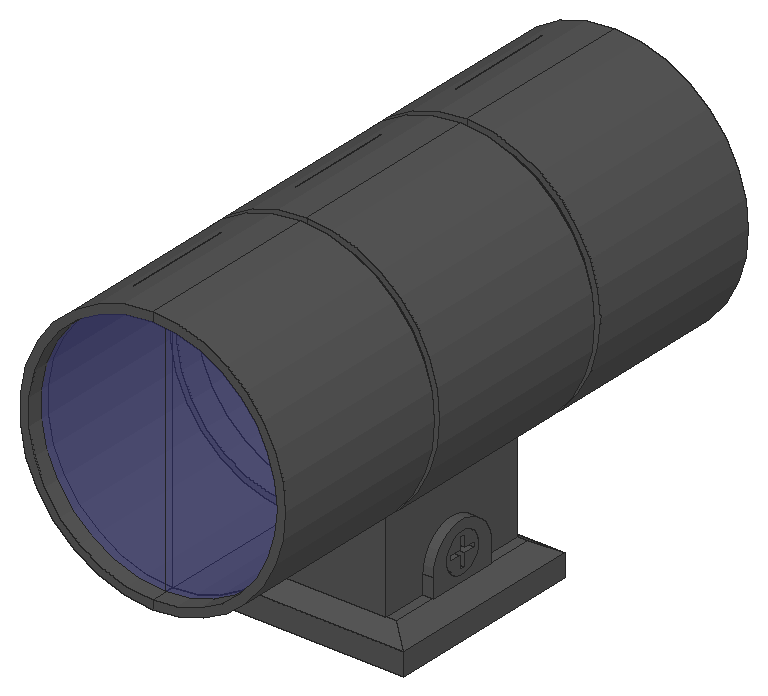
Revit family "CARLO CYLINDER LIGHT WALL MOUNT", category Lighting Fixtures, host Face, Revit 2020 (continued)
Types (10): name | Wattage_Input | Wattage Comments | Wattage | Photometric Web File | built-in parameter 1150142 | Model | built-in parameter 1150105 | Lumens | Light Length 1 | LIGHT RADIUS | LIGHT PLACEMENT | LIGHT LENGTH | LIGHT DIA | built-in parameter 1150106 | FIXED END HEIGHT | Curve base Height | Base Curve | BEAMING ANGLE | Apparent Load
    \r\n 602.38 650.91 702.53 755.71 810.87 868.06 926.88 987.87 1048.3 1104.9 \r\n 1160.1 1216.3 1271.1 1322.2 1371.3 1419.2 1465.4 1509.3 1551.3 1591.3 \r\n 1629.8 1667.5 1703.5 1736.6 1767.4 1795.8 1822.4 1848.4 1872.7 1894.9 \r\n 1914.7 1931.4 1946.1 1959.9 1972.2 1982.7 1991.9 2000.2 2006.8 2011.1 \r\n 2013.2 \r\n2008.1 2013.8 2012.5 2009.3 2004.3 1997.7 1989.7 1980.5 1969.5 1956.1 \r\n 1940.3 1921.7 1900.6 1876.7 1851.1 1825.2 1797.6 1767.5 1734.5 1697.4 \r\n 1657.7 1616.4 1573.9 1531.2 1487.3 1441.8 1394.2 1343.8 1291.1 1236 \r\n 1179.6 1123.5 1067 1010.1 952.78 894.7 837.4 782.45 729.45 678.15 \r\n 629.67 584.88 544.3 508.98 478.32 452.44 430.23 410.53 393.53 379.01 \r\n 366.98 357.49 350.25 345.34 341.8 338.65 336.09 334.08 332.35 330.64 \r\n 328.88 326.97 324.75 322.34 318.92 313.07 306.73 301.42 297 294.14 \r\n 291.9 289.46 287.02 284.73 281.97 279.16 273.41 261.24 244.9 225.06 \r\n 203.09 180.56 157.63 135.07 112.58 89.406 67.605 48.512 33.543 25.616 \r\n 21.554 19.438 18.416 16.711 15.174 14.14 13.385 12.818 12.376 11.965 \r\n 11.599 11.261 10.945 10.644 10.344 10.023 9.692 9.3556 9.0068 8.6276 \r\n 8.2566 7.9367 7.6369 7.346 7.0475 6.7063 6.3672 6.0775 5.7947 5.4814 \r\n 5.1702 4.8857 4.6154 4.3581 4.1053 3.8423 3.5875 3.3605 3.1431 2.9193 \r\n 2.7013 2.4971 2.3031 2.1188 1.9429 1.774 1.6121 1.4557 1.3082 1.1711 \r\n 1.0487 0.94763 0.86197 0.78909 0.72567 0.66659 0.61462 0.57104 0.53525 0.51037 \r\n 0.48649 0.4607 0.43578 0.41463 0.39426 0.37179 0.34988 0.33033 0.31273 0.29675 \r\n 0.28386 0.27599 0.27134 0.26892 0.26817 0.26944 0.26903 0.26313 0.25234 0.23885 \r\n 0.21401 0.16258 0.10648 0.063792 0.030731 0.010734 0.00018246 0 0 0 \r\n 0 0 0 0 0.000027 0 0.0023879 0.010898 0.035041 0.098418 \r\n 0.16247 0.18745 0.20052 0.21831 0.23261 0.23901 0.24268 0.24783 0.25301 0.2582 \r\n 0.26334 0.26823 0.27324 0.27675 0.28453 0.30501 0.32855 0.34711 0.36421 0.37966 \r\n 0.39659 0.41846 0.44422 0.474 0.50824 0.54699 0.59155 0.64078 0.70203 0.78476 \r\n 0.88158 0.98637 1.1049 1.2437 1.3941 1.5472 1.7097 1.887 2.0729 2.2611 \r\n 2.4577 2.6688 2.8877 3.1087 3.3348 3.5632 3.8058 4.0838 4.3663 4.6149 \r\n 4.8728 5.1852 5.5082 5.8035 6.1001 6.4219 6.7463 7.0533 7.3588 7.6725 \r\n 7.9931 8.3255 8.6611 8.9865 9.3211 9.6967 10.062 10.353 10.64 10.982 \r\n 11.345 11.716 12.097 12.462 12.88 13.358 14.056 15.215 16.598 17.887 \r\n 19.571 21.033 25.265 35.697 50.389 68.922 90.151 113.06 136.84 160.62 \r\n 183.55 203.94 223.39 244.5 262.56 272.34 278.04 281.98 284.57 287.08 \r\n 289.3 291.33 293.53 296.16 299.63 305.02 310.57 314.67 318.05 320.91 \r\n 323.27 325 326.69 329.05 331.58 333.9 336.37 339 342.46 347.08 \r\n 353.8 364.01 376.71 390.9 407.91 428.85 453.36 480.88 513.05 551.89 \r\n 595.73 644.01 695.47 748.45 803.63 861.4 920.91 982.24 1043 1100.2 \r\n 1156.1 1212.7 1267.8 1319.3 1368.7 1416.8 1463.1 1507.2 1549.2 1589 \r\n 1627.1 1664.7 1700.5 1733.9 1764.9 1793.2 1819.7 1845.5 1869.8 1892.1 \r\n 1912.2 1929.2 1944.2 1958.2 1970.6 1981.3 1990.6 1999.1 2005.9 2010.6 \r\n 2013.2 \r\n2008.1 2013.9 2012.8 2009.9 2005.3 1999.2 1991.6 1982.9 1972.3 1959.4 \r\n 1943.9 1925.5 1904.7 1881.4 1856.3 1830.6 1803.1 1773.2 1740.5 1703.6 \r\n 1664 1622.5 1579.6 1536.6 1492.4 1446.8 1399.1 1348.4 1295.1 1238.9 \r\n 1181.5 1125 1068.4 1011.1 953.4 895.39 838.32 783.64 730.82 679.4 \r\n 630.72 585.84 545.24 509.96 479.37 453.54 431.39 411.83 394.97 380.52 \r\n 368.47 358.76 351.25 346.13 342.41 339.09 336.39 334.36 332.64 330.89 \r\n 329.09 327.26 325.06 322.29 318.59 313.06 307.14 301.96 297.55 294.63 \r\n 292.31 289.9 287.51 285.25 282.52 279.82 274.05 261.22 244.49 225.62 \r\n 204.78 182.45 159.41 136.65 113.94 90.723 68.892 49.679 34.492 26.135 \r\n 21.654 19.356 18.265 16.574 15.088 14.076 13.338 12.785 12.354 11.944 \r\n 11.577 11.248 10.944 10.65 10.358 10.056 9.7408 9.4007 9.0444 8.6673 \r\n 8.2982 7.972 7.6652 7.3728 7.0746 6.7336 6.3939 6.1006 5.8141 5.5003 \r\n 5.1888 4.9011 4.6285 4.3733 4.1231 3.8595 3.6027 3.3721 3.1508 2.9241 \r\n 2.7041 2.4992 2.305 2.1207 1.9444 1.7736 1.61 1.4544 1.3073 1.1676 \r\n 1.0418 0.9382 0.85064 0.77675 0.7133 0.65571 0.60572 0.56386 0.5292 0.50336 \r\n 0.47912 0.45486 0.4313 0.40881 0.38678 0.36431 0.34258 0.32235 0.30388 0.28723 \r\n 0.2737 0.26508 0.26002 0.25817 0.2583 0.26045 0.2605 0.25351 0.24191 0.22965 \r\n 0.2072 0.16008 0.10709 0.061536 0.02533 0.0075551 0 0 0 0 \r\n 0 0 0 0 0.000085 0.0016815 0.0075848 0.01789 0.042127 0.10176 \r\n 0.16107 0.18253 0.19302 0.20978 0.22418 0.23184 0.23733 0.24422 0.25119 0.2582 \r\n 0.26505 0.2711 0.27754 0.2841 0.29445 0.31479 0.33735 0.35525 0.37201 0.38807 \r\n 0.40571 0.42761 0.45306 0.48294 0.51717 0.55548 0.59934 0.64755 0.70786 0.79079 \r\n 0.88682 0.98646 1.1002 1.2399 1.392 1.5442 1.7051 1.8813 2.0662 2.2541 \r\n 2.4489 2.6529 2.8657 3.0894 3.3194 3.5466 3.7869 4.064 4.3461 4.5954 \r\n 4.8538 5.1652 5.4864 5.7789 6.0725 6.3896 6.7127 7.0304 7.3475 7.6626 \r\n 7.983 8.3195 8.6599 8.9885 9.3263 9.7054 10.077 10.382 10.683 11.034 \r\n 11.401 11.767 12.14 12.506 12.914 13.354 13.999 15.092 16.418 17.715 \r\n 19.366 20.638 24.611 34.76 49.176 67.514 88.555 111.17 134.75 158.63 \r\n 181.87 202.92 222.95 243.99 261.88 271.86 277.77 281.67 284.19 286.71 \r\n 288.95 290.97 293.13 295.68 298.99 303.97 309.13 313.12 316.52 319.45 \r\n 322 324.23 326.37 328.77 331.21 333.47 335.88 338.47 341.87 346.54 \r\n 353.18 362.83 374.86 388.57 405.13 425.62 449.68 476.82 508.61 546.98 \r\n 590.39 638.31 689.56 742.56 797.95 856.14 916.13 977.71 1038.8 1096.8 \r\n 1153.3 1209.9 1264.9 1316.9 1366.8 1415 1461.2 1505.3 1547.3 1587 \r\n 1625 1662.4 1698.2 1731.7 1762.9 1791.2 1817.8 1843.5 1867.7 1890 \r\n 1910.2 1927.5 1942.9 1956.8 1969.2 1980.1 1989.6 1998.1 2005.1 2010.1 \r\n 2013.2 \r\n2008.1 2013.9 2013 2010.4 2006.2 2000.5 1993.4 1985.2 1975.1 1962.6 \r\n 1947.5 1929.4 1908.9 1886.2 1861.7 1836.2 1808.8 1779.2 1746.7 1710 \r\n 1670.5 1628.7 1585.5 1542.1 1497.6 1451.8 1404 1352.9 1299 1241.8 \r\n 1183.5 1126.8 1070.1 1012.2 954.17 896.31 839.56 785.1 732.42 680.85 \r\n 631.96 586.96 546.29 511.03 480.49 454.66 432.53 413.1 396.37 382 \r\n 369.94 360.02 352.25 346.92 343.01 339.51 336.71 334.65 332.94 331.15 \r\n 329.33 327.56 325.35 322.22 318.24 313.01 307.5 302.48 298.12 295.14 \r\n 292.75 290.38 288.06 285.83 283.12 280.51 274.66 261.04 243.81 226.04 \r\n 206.46 184.34 161.14 138.12 115.13 91.908 70.103 50.814 35.442 26.658 \r\n 21.75 19.263 18.099 16.425 14.995 14.009 13.292 12.757 12.338 11.929 \r\n 11.563 11.245 10.952 10.664 10.38 10.096 9.7954 9.4502 9.0853 8.7105 \r\n 8.3435 8.0104 7.696 7.4022 7.1042 6.7636 6.4235 6.126 5.8353 5.5204 \r\n 5.2084 4.9181 4.6434 4.3896 4.141 3.8767 3.6178 3.3835 3.1578 2.9271 \r\n 2.704 2.4993 2.3059 2.1207 1.943 1.7708 1.6063 1.4514 1.3047 1.1624 \r\n 1.0332 0.92706 0.83743 0.76209 0.69828 0.64241 0.59478 0.55496 0.52158 0.49446 \r\n 0.46967 0.44696 0.4248 0.40094 0.37729 0.35524 0.33416 0.3136 0.29453 0.27746 \r\n 0.26342 0.25384 0.24807 0.24657 0.24736 0.25013 0.2504 0.2422 0.22981 0.21918 \r\n 0.19939 0.15598 0.10555 0.05755 0.018918 0.0040445 0 0 0 0 \r\n 0 0 0 0 0.00014365 0.0042025 0.01278 0.024821 0.04907 0.10482 \r\n 0.15937 0.17779 0.18609 0.20139 0.21544 0.22455 0.2322 0.24097 0.24986 0.25884 \r\n 0.26753 0.2749 0.28291 0.29276 0.30572 0.32521 0.34605 0.36319 0.37976 0.39678 \r\n 0.4155 0.43767 0.46292 0.49291 0.52716 0.56515 0.60859 0.65646 0.71645 0.79961 \r\n 0.89481 0.98955 1.0989 1.2397 1.3938 1.5449 1.7042 1.8799 2.0642 2.2509 \r\n 2.4432 2.6407 2.8483 3.0746 3.3084 3.5349 3.7735 4.0493 4.3305 4.5803 \r\n 4.8393 5.1499 5.4694 5.7588 6.0488 6.3617 6.6842 7.0124 7.3408 7.6569 \r\n 7.9771 8.3193 8.6663 8.9994 9.3412 9.7228 10.1 10.42 10.737 11.097 \r\n 11.468 11.827 12.191 12.559 12.963 13.369 13.966 14.998 16.27 17.569 \r\n 19.194 20.329 24.114 34.041 48.237 66.418 87.303 109.66 133.06 157.01 \r\n 180.52 202.25 222.85 243.67 261.25 271.43 277.6 281.45 283.86 286.39 \r\n 288.65 290.66 292.78 295.29 298.46 303.06 307.85 311.69 315.07 318.05 \r\n 320.79 323.52 326.13 328.57 330.91 333.11 335.47 338.02 341.43 346.22 \r\n 352.82 361.93 373.29 386.57 402.76 422.8 446.46 473.31 504.82 542.76 \r\n 585.74 633.3 684.33 737.42 793.06 851.61 911.98 973.8 1035.2 1093.9 \r\n 1151.1 1207.6 1262.5 1315 1365.4 1413.5 1459.6 1503.7 1545.7 1585.3 \r\n 1623.3 1660.6 1696.3 1729.9 1761.2 1789.8 1816.4 1842 1866 1888.3 \r\n 1908.5 1926.2 1941.8 1955.7 1968 1979 1988.7 1997.2 2004.3 2009.6 \r\n 2013.2 \r\n2008.1 2013.9 2013.2 2010.8 2007 2001.8 1995.3 1987.4 1977.7 1965.7 \r\n 1951 1933.2 1913 1891 1867.2 1841.8 1814.4 1785.1 1752.8 1716.2 \r\n 1676.7 1634.8 1591.2 1547.3 1502.4 1456.4 1408.3 1356.8 1302.5 1244.4 \r\n 1185.3 1128.6 1071.9 1013.5 955.06 897.41 841.01 786.72 734.09 682.39 \r\n 633.31 588.16 547.39 512.15 481.64 455.77 433.62 414.29 397.67 383.38 \r\n 371.33 361.23 353.22 347.67 343.57 339.94 337.03 334.96 333.24 331.43 \r\n 329.59 327.85 325.6 322.12 317.89 312.93 307.79 302.93 298.66 295.63 \r\n 293.18 290.87 288.62 286.41 283.71 281.16 275.21 260.81 243.1 226.38 \r\n 208.02 186.07 162.69 139.39 116.13 92.923 71.174 51.842 36.32 27.147 \r\n 21.844 19.182 17.95 16.292 14.914 13.955 13.259 12.742 12.336 11.928 \r\n 11.562 11.253 10.971 10.688 10.409 10.14 9.8514 9.5001 9.1264 8.7538 \r\n 8.3892 8.0496 7.7281 7.4329 7.1352 6.7952 6.4547 6.1531 5.8579 5.5416 \r\n 5.2288 4.9364 4.66 4.4062 4.1579 3.8929 3.6322 3.3943 3.1642 2.9285 \r\n 2.7017 2.498 2.3061 2.1191 1.9394 1.7665 1.602 1.4478 1.3013 1.1568 \r\n 1.0248 0.91635 0.82473 0.74776 0.68337 0.62924 0.584 0.5461 0.51388 0.48544 \r\n 0.45999 0.43866 0.41779 0.3927 0.36769 0.34626 0.32609 0.30546 0.28606 0.26881 \r\n 0.25437 0.2437 0.23697 0.2356 0.23684 0.23999 0.24034 0.23093 0.21787 0.2092 \r\n 0.19215 0.15141 0.10264 0.052875 0.01271 0.00073461 0 0 0 0 \r\n 0 0 0 0 0.00019443 0.0064294 0.017298 0.030593 0.054557 0.10664 \r\n 0.15701 0.17353 0.1806 0.19422 0.20745 0.21804 0.22791 0.23846 0.2491 0.25988 \r\n 0.27029 0.2789 0.28838 0.3013 0.31653 0.33454 0.35315 0.36949 0.38601 0.40411 \r\n 0.42406 0.44665 0.47182 0.50192 0.53617 0.57391 0.6171 0.66508 0.72514 0.80845 \r\n 0.90274 0.99317 1.0987 1.2408 1.3968 1.5468 1.7045 1.8803 2.0644 2.2493 \r\n 2.4387 2.6309 2.8344 3.063 3.3 3.5261 3.7634 4.0378 4.3181 4.5681 \r\n 4.8274 5.1378 5.456 5.7421 6.0285 6.338 6.6603 6.9979 7.3359 7.6523 \r\n 7.9719 8.3201 8.6743 9.0127 9.3588 9.7417 10.122 10.457 10.789 11.159 \r\n 11.533 11.885 12.24 12.613 13.014 13.396 13.957 14.935 16.159 17.454 \r\n 19.061 20.107 23.76 33.508 47.523 65.59 86.365 108.52 131.78 155.73 \r\n 179.44 201.84 222.98 243.42 260.54 270.99 277.51 281.31 283.6 286.11 \r\n 288.38 290.39 292.49 294.98 298.04 302.31 306.77 310.45 313.78 316.78 \r\n 319.69 322.89 325.94 328.42 330.68 332.84 335.15 337.71 341.15 346.1 \r\n 352.72 361.31 372.06 384.99 400.85 420.5 443.78 470.43 501.72 539.28 \r\n 581.85 629.07 679.91 733.12 789.03 847.87 908.54 970.57 1032.3 1091.6 \r\n 1149.4 1205.9 1260.6 1313.6 1364.5 1412.6 1458.5 1502.5 1544.5 1584.1 \r\n 1622.1 1659.4 1695.1 1728.6 1760 1788.7 1815.5 1840.9 1864.7 1886.9 \r\n 1907.1 1925.1 1941 1954.8 1967 1978.1 1987.8 1996.4 2003.6 2009.2 \r\n 2013.2 \r\n2008.1 2014 2013.4 2011.2 2007.8 2003.1 1997 1989.5 1980.2 1968.5 \r\n 1954.3 1936.8 1916.9 1895.6 1872.3 1847 1819.7 1790.5 1758.5 1722 \r\n 1682.4 1640.3 1596.4 1551.9 1506.4 1460.1 1411.6 1359.7 1304.9 1246.3 \r\n 1186.9 1130.2 1073.6 1014.9 956.08 898.65 842.55 788.34 735.7 683.9 \r\n 634.68 589.39 548.5 513.26 482.77 456.82 434.62 415.35 398.81 384.6 \r\n 372.56 362.32 354.11 348.37 344.1 340.35 337.38 335.27 333.54 331.73 \r\n 329.88 328.1 325.77 322.02 317.59 312.83 307.99 303.3 299.11 296.06 \r\n 293.57 291.31 289.14 286.95 284.24 281.72 275.68 260.68 242.59 226.74 \r\n 209.35 187.5 163.94 140.4 116.92 93.729 72.042 52.688 37.054 27.564 \r\n 21.937 19.135 17.849 16.203 14.866 13.927 13.249 12.748 12.353 11.946 \r\n 11.579 11.277 11.002 10.722 10.446 10.187 9.9048 9.5463 9.164 8.7937 \r\n 8.4319 8.0873 7.76 7.4637 7.1664 6.8272 6.4865 6.181 5.8815 5.5635 \r\n 5.2496 4.9557 4.6778 4.4226 4.1729 3.9071 3.645 3.4039 3.1699 2.9288 \r\n 2.6982 2.4958 2.306 2.1164 1.934 1.7615 1.598 1.4444 1.2979 1.1521 \r\n 1.0185 0.9082 0.81493 0.7364 0.67133 0.62022 0.57559 0.53913 0.50767 0.47807 \r\n 0.45193 0.43161 0.41177 0.3858 0.35984 0.33907 0.3198 0.29932 0.27985 0.26264 \r\n 0.24796 0.23607 0.22817 0.22673 0.22822 0.23155 0.23188 0.22143 0.20791 0.20147 \r\n 0.18704 0.14749 0.099152 0.04854 0.0079238 0 0 0 0 0 \r\n 0 0 0 0 0.00022999 0.008062 0.020466 0.034113 0.057272 0.10625 \r\n 0.1536 0.17005 0.17744 0.18936 0.20128 0.2132 0.22512 0.23704 0.24896 0.26111 \r\n 0.2728 0.28237 0.29298 0.30827 0.32506 0.34109 0.35713 0.37271 0.3893 0.4084 \r\n 0.42949 0.45259 0.4778 0.50796 0.54214 0.57964 0.62267 0.67098 0.73129 0.81449 \r\n 0.90782 0.99486 1.0974 1.2406 1.3982 1.5471 1.7035 1.8799 2.0644 2.2471 \r\n 2.4335 2.6222 2.8233 3.0533 3.2923 3.5181 3.7545 4.0279 4.3072 4.5569 \r\n 4.8162 5.127 5.445 5.7279 6.011 6.3183 6.6411 6.9853 7.33 7.6457 \r\n 7.9644 8.3173 8.6778 9.0218 9.3722 9.7549 10.137 10.483 10.827 11.206 \r\n 11.584 11.929 12.277 12.655 13.06 13.43 13.967 14.904 16.088 17.376 \r\n 18.971 19.966 23.533 33.124 46.985 64.987 85.71 107.76 130.93 154.8 \r\n 178.59 201.61 223.22 243.11 259.65 270.47 277.47 281.25 283.4 285.9 \r\n 288.17 290.18 292.27 294.75 297.74 301.74 305.91 309.45 312.73 315.75 \r\n 318.78 322.35 325.76 328.3 330.52 332.66 334.96 337.55 341.06 346.17 \r\n 352.83 361.01 371.25 383.88 399.49 418.77 441.74 468.24 499.38 536.59 \r\n 578.8 625.73 676.42 729.78 785.93 844.99 905.88 968.1 1030.1 1090 \r\n 1148.4 1204.7 1259.4 1312.8 1364.1 1412.2 1458 1501.9 1543.8 1583.4 \r\n 1621.4 1658.7 1694.4 1727.9 1759.3 1788.1 1814.9 1840.2 1863.8 1885.8 \r\n 1906.1 1924.2 1940.3 1954.1 1966.2 1977.3 1987.2 1995.8 2003 2008.8 \r\n 2013.2 \r\n2008.1 2014 2013.6 2011.7 2008.5 2004.3 1998.6 1991.3 1982 1970.4 \r\n 1956.2 1939 1919.5 1898.5 1875.6 1850.5 1823.1 1794 1761.8 1724.9 \r\n 1684.9 1642.7 1598.7 1553.3 1506.7 1459.2 1409.9 1357.3 1302.3 1244.4 \r\n 1185.9 1129.7 1073.4 1015 956.5 899.13 842.98 788.58 735.79 684.2 \r\n 635.25 589.98 549.09 513.95 483.54 457.53 435.22 415.88 399.3 385.1 \r\n 373.09 362.87 354.64 348.78 344.4 340.7 337.79 335.61 333.82 332.1 \r\n 330.31 328.3 325.72 321.99 317.62 312.83 307.95 303.31 299.19 296.17 \r\n 293.7 291.49 289.35 287.13 284.38 281.8 275.84 261.5 243.93 227.6 \r\n 209.53 187.35 163.64 140.28 117.03 93.815 72.048 52.659 37.023 27.605 \r\n 22.059 19.291 18.014 16.348 14.983 14.033 13.35 12.848 12.452 12.039 \r\n 11.663 11.352 11.068 10.784 10.502 10.229 9.9326 9.5635 9.1751 8.8075 \r\n 8.4514 8.11 7.785 7.4897 7.1932 6.856 6.5168 6.2099 5.908 5.5871 \r\n 5.271 4.978 4.7 4.4384 4.1822 3.9156 3.654 3.4123 3.1767 2.9318 \r\n 2.6979 2.497 2.3084 2.1142 1.9278 1.7594 1.601 1.4472 1.3001 1.1576 \r\n 1.0274 0.91843 0.82558 0.74726 0.68216 0.62955 0.5861 0.5486 0.51596 0.48556 \r\n 0.45875 0.4377 0.4174 0.39223 0.36716 0.34623 0.32664 0.30634 0.28714 0.27024 \r\n 0.25537 0.24175 0.23208 0.23022 0.23184 0.2356 0.23642 0.22589 0.21273 0.20911 \r\n 0.19633 0.1522 0.099392 0.051208 0.013573 0.0019957 0.0010197 0 0.000008 0 \r\n 0 0 0 0 0.00018959 0.0067564 0.016858 0.025879 0.045321 0.09455 \r\n 0.14537 0.171 0.18656 0.19739 0.20611 0.21821 0.23048 0.24115 0.2514 0.26203 \r\n 0.27231 0.28098 0.29052 0.30401 0.31851 0.33142 0.34483 0.35998 0.37678 0.39543 \r\n 0.41624 0.43979 0.46557 0.49531 0.52875 0.5654 0.60759 0.6554 0.71506 0.79677 \r\n 0.88876 0.97579 1.0785 1.2209 1.3778 1.5268 1.684 1.863 2.0493 2.2296 \r\n 2.414 2.6069 2.8119 3.0394 3.2747 3.4991 3.7349 4.0094 4.2893 4.5354 \r\n 4.7922 5.1083 5.4319 5.7137 5.9949 6.3056 6.6303 6.9684 7.3054 7.617 \r\n 7.9325 8.2814 8.6396 8.9876 9.3411 9.7185 10.092 10.428 10.766 11.155 \r\n 11.547 11.894 12.244 12.63 13.049 13.451 14.016 14.955 16.131 17.419 \r\n 19.004 19.988 23.492 32.847 46.518 64.602 85.521 107.9 131.23 154.56 \r\n 177.85 201.34 223.25 241.86 257.31 269.13 277.44 281.37 283.37 285.85 \r\n 288.11 290.12 292.23 294.71 297.68 301.6 305.71 309.3 312.63 315.61 \r\n 318.56 322 325.33 328.01 330.43 332.67 335.06 337.78 341.39 346.51 \r\n 353.13 361.25 371.4 383.89 399.32 418.4 441.16 467.56 498.59 535.55 \r\n 577.54 624.5 675.29 728.75 785.01 844.12 905.1 967.55 1029.8 1090.1 \r\n 1148.7 1205.4 1260.4 1314 1365.3 1413.6 1459.5 1503.2 1544.9 1584.3 \r\n 1622.2 1659.5 1695.3 1728.6 1759.7 1788.3 1814.9
